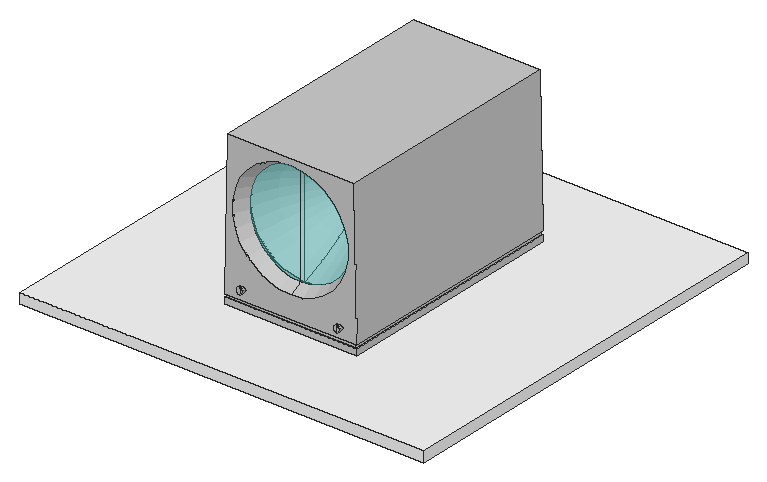
Revit family "BE_24596_de_DE", category Leuchten, Revit 2015
Parameters (values of type "BEGA_24596_Silber_K4")
  built-in parameter 1150104 = 13.935 (stored number, unit not read)
  Wattage = 15.8 W
  Default Elevation = 0 mm
  built-in parameter 1150113 = 1 (stored number, unit not read)
  built-in parameter 1114218 = 1 (stored number, unit not read)
  Umgebungstemperatur = "25 °C"
  URL = "http://www.bega.de/produkt/24596"
  Typenkommentare = "© 2016 BEGA. Wir behalten uns das Recht vor, technische Änderungen ohne vorherige Ankündigung vorzunehmen."  # constant formula
  Type Image = 24596.png
  built-in parameter 1150134 = 12
  built-in parameter 1150109 = 1 (stored number, unit not read)
  Strom = ""
  built-in parameter 1150110 = 1 (stored number, unit not read)
  Spannung = 239.996 V
  Sonderanfertigung = no
  Seriennummer [instance] = "Hier können Sie die eindeutige Seriennummer für das Facility Management eintragen."
  Schutzklasse = "I"
  Schutzart = "IP 64"
  Scheinlast = 0 VA
  Produktdatenblatt = "http://www.bega.de/download/Xrfa/db/24596.db.de.pdf"
  Oberflächentemperatur = ""
  Neigungswinkel = 0.00°
  Modell = "24596AK4"
  Material_17 = BEGA_Reflektor
  Material_15 = BEGA_Leuchtmedium_matt
  Material_11 = BEGA_Glas_opal
  Material_09 = BEGA_Glas_klar
  Material_06 = BEGA_Oberfläche_Edelstahl_gebürstet
  Material_03 = BEGA_Oberfläche_Weiss_matt
  Material_02 = BEGA_Oberfläche_Silber_matt
  Material_01 [instance] = BEGA_Oberfläche_Grafit_matt
  M_W = no
  M_G = no
  M_A = yes
  Logo = 0
  built-in parameter 1114217 = 1 (stored number, unit not read)
  built-in parameter 1150139 = (empty or 0)
  built-in parameter 1150105 = 188.6 (stored number, unit not read)
  built-in parameter 1150114 = 1 (stored number, unit not read)
  Lumens = 2370 lm
  built-in parameter 1150115 = 1 (stored number, unit not read)
  Leuchtenlichtstrom = "1093 lm"
  Leuchtenanzahl = ""
  Lebensdauerkriterien = "L70 = 50.000 h"
  Lastklassifizierung = Beleuchtung
  built-in parameter 1150112 = 1 (stored number, unit not read)
  Lampenlichtstrom = "2370 lm"
  Lampe = "LED 15.8 W"
  LED_Modulbezeichnung = "LED-0681/840 + LED-0683/840"
  built-in parameter 1150142 = (empty or 0)
  Hersteller = "BEGA"  # constant formula
  Halbstreuwinkel = ""
  Gewicht = "2.3 kg"
  Gebrauchslageneinschränkung [instance] = ""
  Frequenz = "0/50-60 Hz"
  Farbwiedergabeindex = "Ra > 80"
  Farbtemperaturverschiebung bei Dämpfen der Lampe = <Keine Auswahl>
  Farbtemperatur = "4000 K"
  Color Filter = 16777215
  built-in parameter 1150133 = 10 (stored number, unit not read)
  Energieeffizienzklasse = "LED A++ - A"
  built-in parameter 1150137 = (empty or 0)
  built-in parameter 1150132 = (empty or 0)
  ENEC = ""
  Dimmbar [instance] = "DALI"
  Datei für fotometrisches Netz = "BE_24596K4.IES"
  CE_Konformität = "ja"
  Bestellnummer = "24596AK4"
  Beschreibung_Sonderanfertigung = "Hier können Sie Informationen zur Sonderanfertigung eintragen."
  Beschreibung = "Wandleuchte"
  built-in parameter 1150106 = 1.886 (stored number, unit not read)
  Befestigungsbohrung = "Ø 4,5 mm"
  Befestigungsabstand = "105 mm"
  Ballwurfsicher = ""
  BEGA_Intern_aus = yes
  BEGA_Intern_an = yes
  BEGA_Intern_Konstruktion = yes
  BEGA_Intern = yes
  BEGA_IES = yes
  BEGA_Dummy = no
  Anschlussleitung = ""
  Anschlussleistung [instance] = "19.3 W"
  built-in parameter 1150107 = 4000 (stored number, unit not read)
  built-in parameter 1150102 = (empty or 0)
  built-in parameter 1150138 = (empty or 0)
  Aktualisierung = "2016-10-24T04:21:34"
  Abstand_zur_angestrahlten_Fläche [instance] = ""
  AC/DC = "AC/DC"
Types (6, lengths in mm): name | built-in parameter 1150104 | built-in parameter 1150134 | Modell | M_W | M_G | M_A | built-in parameter 1150105 | Lumens | Leuchtenlichtstrom | Lampenlichtstrom | LED_Modulbezeichnung | Farbtemperatur | Datei für fotometrisches Netz | Bestellnummer | built-in parameter 1150106 | built-in parameter 1150107
  BEGA_24596_Silber_K3 | 13.23 (stored number, unit not read) | (empty or 0) | "24596A" | no | no | yes | 179.06 (stored number, unit not read) | 2250.08 lm | "1038 lm" | "2250 lm" | "LED-0681/830 + LED-0683/830" | "3000 K" | "BE_24596.IES" | "24596A" | 1.7906 (stored number, unit not read) | 3000 (stored number, unit not read)
  BEGA_24596_Weiß_K3 | 13.23 (stored number, unit not read) | (empty or 0) | "24596W" | yes | no | no | 179.06 (stored number, unit not read) | 2250.08 lm | "1038 lm" | "2250 lm" | "LED-0681/830 + LED-0683/830" | "3000 K" | "BE_24596.IES" | "24596W" | 1.7906 (stored number, unit not read) | 3000 (stored number, unit not read)
  BEGA_24596_Weiß_K4 | 13.935 (stored number, unit not read) | 12 | "24596WK4" | yes | no | no | 188.6 (stored number, unit not read) | 2370 lm | "1093 lm" | "2370 lm" | "LED-0681/840 + LED-0683/840" | "4000 K" | "BE_24596K4.IES" | "24596WK4" | 1.886 (stored number, unit not read) | 4000 (stored number, unit not read)
  BEGA_24596_Silber_K4 | 13.935 (stored number, unit not read) | 12 | "24596AK4" | no | no | yes | 188.6 (stored number, unit not read) | 2370 lm | "1093 lm" | "2370 lm" | "LED-0681/840 + LED-0683/840" | "4000 K" | "BE_24596K4.IES" | "24596AK4" | 1.886 (stored number, unit not read) | 4000 (stored number, unit not read)
  BEGA_24596_Grafit_K4 | 13.935 (stored number, unit not read) | 12 | "24596K4" | no | yes | no | 188.6 (stored number, unit not read) | 2370 lm | "1093 lm" | "2370 lm" | "LED-0681/840 + LED-0683/840" | "4000 K" | "BE_24596K4.IES" | "24596K4" | 1.886 (stored number, unit not read) | 4000 (stored number, unit not read)
  BEGA_24596_Grafit_K3 | 13.23 (stored number, unit not read) | (empty or 0) | "24596" | no | yes | no | 179.06 (stored number, unit not read) | 2250.08 lm | "1038 lm" | "2250 lm" | "LED-0681/830 + LED-0683/830" | "3000 K" | "BE_24596.IES" | "24596" | 1.7906 (stored number, unit not read) | 3000 (stored number, unit not read)
Reference planes
  plane 1 "Mitte (Vorne/Hinten)": y = 0
  plane 2: z = 0
  plane 3 "Mitte (Links/Rechts)": x = 0
  plane 4 "Links": x = -65.11
  plane 5 "Rechts": x = 65.11
  plane 6 "Unten": y = -115.176
  plane 7 "Oben": y = 115.044
  plane 8 "Vorne": z = 151.3
  plane 9 "Hinten": z = 0
Forms (mm)
  Extrusion 1, solid, material "BEGA_Platte_Weiss"
    sketch origin (0, -1119.2, 0) x (1, 0, 0) y (0, 1, 0)
      loop
        line (-200, 1319.2) -> (-200, 919.2) -> (200, 919.2) -> (200, 1319.2) -> (-200, 1319.2)
    from 0 to -10
  Extrusion 2, solid, material "BEGA_Dummy_matt", visible <- "BEGA_Dummy"
    sketch origin (80.095, -76.023, 0) x (1, 0, 0) y (0, 1, 0)
      loop
        line (-145.205, 191.067) -> (-145.205, -39.153) -> (-14.985, -39.153) -> (-14.985, 191.067) -> (-145.205, 191.067)
    from 0 to 151.3
Dimensions and locks
  plane 1 "Mitte (Vorne/Hinten)" to Extrusion 1 = 200 mm
  aligned and locked: plane 2 to Extrusion 1
  aligned and locked: level to Extrusion 1
Nested families
  nested 1: "BE_24596" at (0, 0, 0) x (0, -1, 0) z (0, 0, 1), type "BE_24596"
Connectors
  electrical at (0, 0, 0), driven by "Lastklassifizierung", driven by "Spannung", driven by "Scheinlast"
    settings: index 1, voltage 239.996 V, apparent load 0 VA, apparent load phase1 0 VA, apparent load phase2 0 VA, apparent load phase3 0 VA, power factor 1, load classification "Beleuchtung", number of poles 1, system type 31, power factor state 1, is connector primary yes, connector utility no, sub classification motor no, connector description ""
Definition of nested family "BE_24596"
  Parameters (values of type "BE_24596")
    Default Elevation = 1 mm
    URL = "http://www.bega.de/de/produkt"
    Type Comments = "© 2015 BEGA. Wir behalten uns das Recht vor, technische Änderungen ohne vorherige Ankündigung vorzunehmen. "  # constant formula
    Type Image = (empty or 0)
    Material_17 = none
    Material_15 = none
    Material_11 = none
    Material_09 = none
    Material_06 = none
    Material_03 = none
    Material_02 = none
    Material_01 = none
    M_W = yes
    M_G = yes
    M_A = yes
    Länge_Platte = 300 mm  # constant formula
    Höhe_Platte = -10 mm  # constant formula
    Manufacturer = "BEGA"  # constant formula
    Breite_Platte = 200 mm  # constant formula
  Reference planes
    plane 1 "Mitte (Oben/Unten)": y = 0
    plane 2: z = 0
    plane 3 "Mitte (Links/Rechts)": x = 0
    plane 4 "Unten": y = -65.11
    plane 5: x = -115.044
    plane 6: z = 151.3
    plane 7: x = 115.176
    plane 8: y = 65.11
  Forms (mm)
    Extrusion 1, solid, detail levels medium
      sketch origin (0, 0, 0) x (1, 0, 0) y (0, 1, 0)
        loop
          line (-150, 100) -> (-150, -100) -> (150, -100) -> (150, 100) -> (-150, 100)
      from 0 to -10 <- "Höhe_Platte"
    Extrusion 2, solid, material <- "Material_01", visible <- "M_G", detail levels medium+fine
      sketch origin (0, 0, 0) x (1, 0, 0) y (0, 0, 1)
        loop
          line (-114.824, 9.3) -> (-102.259, 9.3) -> (-102.259, 148.3) -> (102.259, 148.3) -> (102.259, 9.3) -> (115.176, 9.3) -> (115.176, 151.3) -> (-114.824, 151.3) -> (-114.824, 9.3)
      from -65.11 to 65.11
    Extrusion 3, solid, material <- "Material_01", visible <- "M_G", detail levels medium+fine
      sketch origin (0, 0, 0) x (0, 1, 0) y (0, 0, 1)
        loop
          line (-60, 151.3) -> (-65.11, 151.3) -> (-65.11, 9.3) -> (-60, 9.3) -> (-60, 151.3)
        loop
          line (60, 151.3) -> (60, 9.3) -> (65.11, 9.3) -> (65.11, 151.3) -> (60, 151.3)
      from -114.824 to 115.176
    Sweep 4, solid, material <- "Material_01", visible <- "M_G", detail levels medium+fine
      path origin (0, 0, 0) x (1, 0, 0) y (0, 1, 0)
        loop
          line (115.176, -65.11) -> (115.176, 65.11) -> (-115.11, 65.11) -> (-115.11, -65.11) -> (115.176, -65.11)
      profile origin (115.176, 0, 0) x (-1, 0, 0) y (0, 0, 1)
        loop
          line (0.176, 6.3) -> (0.066, 0) -> (7.976, 0) -> (8.447, 9) -> (54.804, 9) -> (54.804, 11.3) -> (3.262, 11.3) -> (1.041, 9.3) -> (1.041, 6.3) -> (0.176, 6.3)
    Extrusion 5, solid, material <- "Material_01", visible <- "M_G", detail levels medium+fine
      sketch origin (0, 0, 0) x (1, 0, 0) y (0, 1, 0)
        loop
          line (-60.306, 10.306) -> (-60.306, -10.306) -> (60.372, -10.306) -> (60.372, 10.306) -> (-60.306, 10.306)
      from 9 to 11.3
    Revolve 6, void
      sketch origin (0, 0, 0) x (1, 0, 0) y (0, 0, 1)
        loop
          line (-110.424, 145.05) -> (-115.712, 145.05) -> (-115.712, 88.3) -> (-102.259, 88.3) -> (-102.259, 140.535) -> (-110.424, 140.535) -> (-110.424, 145.05)
        axis (-115.712, 88.3) -> (-102.259, 88.3)
      angle from 0 to 360
    Revolve 7, void
      sketch origin (0, 0, 0) x (1, 0, 0) y (0, 0, 1)
        loop
          line (102.259, 139.777) -> (102.259, 88.3) -> (115.176, 88.3) -> (115.176, 145.8) -> (102.259, 139.777)
        axis (115.176, 88.3) -> (102.259, 88.3)
      angle from 0 to 360
    Revolve 8, solid, material <- "Material_17", detail levels medium+fine
      sketch origin (-4.05, 0, 0) x (-1, 0, 0) y (0, 0, 1)
        loop
          arc (-102.097, 141.256) -> (-68.897, 126.601) -> (-40.677, 103.781) r 137.727
          line (-40.677, 103.781) -> (-40.06, 93.694) -> (-39.056, 93.667) -> (-39.71, 104.364)
          arc (-39.71, 104.364) -> (-67.927, 127.265) -> (-101.152, 141.988) r 137.727
          line (-101.152, 141.988) -> (-101.152, 145.816) -> (-102.097, 145.816) -> (-102.097, 141.256)
        axis (-102.097, 88.3) -> (-39.056, 88.3)
      angle from 0 to 360
    Revolve 9, solid, material <- "Material_09", detail levels medium+fine
      sketch origin (0, 0, 0) x (1, 0, 0) y (0, 0, 1)
        loop
          line (98.047, 144.78) -> (98.047, 88.3) -> (102.227, 88.3) -> (102.227, 144.78) -> (98.047, 144.78)
        axis (98.047, 88.3) -> (102.227, 88.3)
      angle from 0 to 360
    Revolve 10, solid, material <- "Material_09", detail levels medium+fine
      sketch origin (-12.565, 0, 0) x (-1, 0, 0) y (0, 0, 1)
        loop
          line (98.047, 144.78) -> (98.047, 88.3) -> (102.227, 88.3) -> (102.227, 144.78) -> (98.047, 144.78)
        axis (98.047, 88.3) -> (102.227, 88.3)
      angle from 0 to 360
    Revolve 11, solid, material <- "Material_15", detail levels medium+fine
      sketch origin (69.774, 0, 0) x (1, 0, 0) y (0, 0, 1)
        loop
          line (-36.847, 88.3) -> (-35.805, 88.3) -> (-35.805, 93.042) -> (-36.847, 93.042) -> (-36.847, 88.3)
        axis (-36.847, 88.3) -> (-35.805, 88.3)
      angle from 0 to 360
    Revolve 12, solid, material <- "Material_06", detail levels fine
      sketch origin (0, -48, 0) x (1, 0, 0) y (0, 0, -1)
        loop
          line (114.588, -22.1) -> (118.376, -22.1) -> (118.376, -19.101) -> (114.588, -19.101) -> (114.588, -22.1)
        axis (114.588, -19.101) -> (118.376, -19.101)
      angle from 0 to 360
    Revolve 13, solid, material <- "Material_06", detail levels fine
      sketch origin (0, 48, 0) x (1, 0, 0) y (0, 0, 1)
        loop
          line (114.588, 22.1) -> (114.588, 19.101) -> (118.376, 19.101) -> (118.376, 22.1) -> (114.588, 22.1)
        axis (114.588, 19.101) -> (118.376, 19.101)
      angle from 0 to 360
    Sweep 14, solid, material <- "Material_02", visible <- "M_A", detail levels medium+fine
      path origin (0, 0, 0) x (1, 0, 0) y (0, 1, 0)
        loop
          line (115.176, -65.11) -> (115.176, 65.11) -> (-115.11, 65.11) -> (-115.11, -65.11) -> (115.176, -65.11)
      profile origin (115.176, 0, 0) x (-1, 0, 0) y (0, 0, 1)
        loop
          line (0.176, 6.3) -> (0.066, 0) -> (7.976, 0) -> (8.447, 9) -> (54.804, 9) -> (54.804, 11.3) -> (3.262, 11.3) -> (1.041, 9.3) -> (1.041, 6.3) -> (0.176, 6.3)
    Extrusion 15, solid, material <- "Material_02", visible <- "M_A", detail levels medium+fine
      sketch origin (0, 0, 0) x (1, 0, 0) y (0, 1, 0)
        loop
          line (-60.306, 10.306) -> (-60.306, -10.306) -> (60.372, -10.306) -> (60.372, 10.306) -> (-60.306, 10.306)
      from 9 to 11.3
    Sweep 16, solid, material <- "Material_03", visible <- "M_W", detail levels medium+fine
      path origin (0, 0, 0) x (1, 0, 0) y (0, 1, 0)
        loop
          line (115.176, -65.11) -> (115.176, 65.11) -> (-115.11, 65.11) -> (-115.11, -65.11) -> (115.176, -65.11)
      profile origin (115.176, 0, 0) x (-1, 0, 0) y (0, 0, 1)
        loop
          line (0.176, 6.3) -> (0.066, 0) -> (7.976, 0) -> (8.447, 9) -> (54.804, 9) -> (54.804, 11.3) -> (3.262, 11.3) -> (1.041, 9.3) -> (1.041, 6.3) -> (0.176, 6.3)
    Extrusion 17, solid, material <- "Material_03", visible <- "M_W", detail levels medium+fine
      sketch origin (0, 0, 0) x (1, 0, 0) y (0, 1, 0)
        loop
          line (-60.306, 10.306) -> (-60.306, -10.306) -> (60.372, -10.306) -> (60.372, 10.306) -> (-60.306, 10.306)
      from 9 to 11.3
    Extrusion 18, solid, material <- "Material_02", visible <- "M_A", detail levels medium+fine
      sketch origin (0, 0, 0) x (1, 0, 0) y (0, 0, 1)
        loop
          line (-114.824, 9.3) -> (-102.259, 9.3) -> (-102.259, 148.3) -> (102.259, 148.3) -> (102.259, 9.3) -> (115.176, 9.3) -> (115.176, 151.3) -> (-114.824, 151.3) -> (-114.824, 9.3)
      from -65.11 to 65.11
    Extrusion 19, solid, material <- "Material_02", visible <- "M_A", detail levels medium+fine
      sketch origin (0, 0, 0) x (0, 1, 0) y (0, 0, 1)
        loop
          line (-60, 151.3) -> (-65.11, 151.3) -> (-65.11, 9.3) -> (-60, 9.3) -> (-60, 151.3)
        loop
          line (60, 151.3) -> (60, 9.3) -> (65.11, 9.3) -> (65.11, 151.3) -> (60, 151.3)
      from -114.824 to 115.176
    Extrusion 20, solid, material <- "Material_03", visible <- "M_W", detail levels medium+fine
      sketch origin (0, 0, 0) x (1, 0, 0) y (0, 0, 1)
        loop
          line (-114.824, 9.3) -> (-102.259, 9.3) -> (-102.259, 148.3) -> (102.259, 148.3) -> (102.259, 9.3) -> (115.176, 9.3) -> (115.176, 151.3) -> (-114.824, 151.3) -> (-114.824, 9.3)
      from -65.11 to 65.11
    Extrusion 21, solid, material <- "Material_03", visible <- "M_W", detail levels medium+fine
      sketch origin (0, 0, 0) x (0, 1, 0) y (0, 0, 1)
        loop
          line (-60, 151.3) -> (-65.11, 151.3) -> (-65.11, 9.3) -> (-60, 9.3) -> (-60, 151.3)
        loop
          line (60, 151.3) -> (60, 9.3) -> (65.11, 9.3) -> (65.11, 151.3) -> (60, 151.3)
      from -114.824 to 115.176
    Extrusion 22, void
      sketch origin (0, 0, 0) x (1, 0, 0) y (0, 1, 0)
        loop
          circle (0, 52.5) r 2.25
        loop
          circle (0, -52.5) r 2.25
        loop
          circle (19, 45) r 8.5
        loop
          circle (-19, 45) r 8.5
      from 0 to 15.771
    Extrusion 23, solid, material <- "Material_15", detail levels medium+fine
      sketch origin (0, 0, 0) x (1, 0, 0) y (0, 1, 0)
        loop
          line (-47.03, 1.8) -> (-47.03, -1.453) -> (-45.888, -1.453) -> (-45.888, 1.8) -> (-47.03, 1.8)
      from 61.497 to 113.996
    Extrusion 24, void
      sketch origin (0, 0, 0) x (0, 1, 0) y (0, 0, 1)
        loop
          line (-65.11, 9.3) -> (-62.523, 157.517) -> (-65.11, 157.517) -> (-65.11, 9.3)
        loop
          line (65.11, 9.3) -> (65.11, 157.517) -> (62.523, 157.517) -> (65.11, 9.3)
      from -123.107 to 124.503
  Cuts and joins
    Revolve 6, Revolve 7, Extrusion 22, Extrusion 24 cuts Extrusion 2
    Revolve 6, Revolve 7, Extrusion 22, Extrusion 24 cuts Extrusion 3
    joined: Extrusion 2, Extrusion 3
    Extrusion 22 cuts Sweep 4
    Extrusion 22 cuts Extrusion 5
    joined: Sweep 4, Extrusion 5
    Extrusion 22 cuts Sweep 14
    Extrusion 22 cuts Extrusion 15
    joined: Sweep 14, Extrusion 15
    Extrusion 22 cuts Sweep 16
    Extrusion 22 cuts Extrusion 17
    joined: Sweep 16, Extrusion 17
    Revolve 6, Revolve 7, Extrusion 22, Extrusion 24 cuts Extrusion 18
    Extrusion 22, Extrusion 24 cuts Extrusion 19
    joined: Extrusion 18, Extrusion 19
    Revolve 6, Revolve 7, Extrusion 22, Extrusion 24 cuts Extrusion 20
    Extrusion 22, Extrusion 24 cuts Extrusion 21
    joined: Extrusion 20, Extrusion 21
  Dimensions and locks
    equal spacing: Extrusion 1 sketch curve, plane 3 "Mitte (Links/Rechts)", Extrusion 1 sketch curve
    equal spacing: Extrusion 1 sketch curve, plane 1 "Mitte (Oben/Unten)", Extrusion 1 sketch curve
    "Länge_Platte": Extrusion 1 sketch curve to Extrusion 1 sketch curve
    "Breite_Platte": Extrusion 1 sketch curve to Extrusion 1 sketch curve
    Extrusion 24 to level = 157.517 mm
    aligned and locked: Extrusion 1 to plane 2
    aligned and locked: level to Extrusion 1
  Automatic sketch dimensions
    Extrusion 2 sketch curve to Extrusion 2 sketch curve = 12.565 mm
    level to Extrusion 2 sketch curve = 9.3 mm  (x2)
    Extrusion 2 sketch curve to Extrusion 2 sketch curve = 12.917 mm
    Extrusion 2 sketch curve to Extrusion 2 sketch curve = 3 mm
    plane 1 "Mitte (Oben/Unten)" to Extrusion 3 sketch curve = 65.11 mm
    Extrusion 3 sketch curve to Extrusion 3 sketch curve = 5.11 mm  (x2)
    Extrusion 3 sketch curve to plane 1 "Mitte (Oben/Unten)" = 60 mm
    level to Extrusion 3 sketch curve = 9.3 mm  (x2)
    plane 1 "Mitte (Oben/Unten)" to Sweep 4 sketch curve = 65.11 mm
    Sweep 4 sketch curve to plane 1 "Mitte (Oben/Unten)" = 65.11 mm
    Sweep 4 sketch curve to level = 0 mm
    Sweep 4 sketch curve to profile plane = 0.066 mm
    Sweep 4 sketch curve to profile plane = 0.176 mm
    Sweep 4 sketch curve to profile plane = 1.041 mm
    Sweep 4 sketch curve to Sweep 4 sketch curve = 2.221 mm
    Sweep 4 sketch curve to Sweep 4 sketch curve = 7.91 mm
    Sweep 4 sketch curve to Sweep 4 sketch curve = 5.185 mm
    level to Sweep 4 sketch curve = 9 mm
    Sweep 4 sketch curve to Sweep 4 sketch curve = 46.356 mm
    level to Sweep 4 sketch curve = 6.3 mm
    Sweep 4 sketch curve to Sweep 4 sketch curve = 3 mm
    Sweep 4 sketch curve to Sweep 4 sketch curve = 2 mm
    plane 1 "Mitte (Oben/Unten)" to Extrusion 5 sketch curve = 10.306 mm
    Extrusion 5 sketch curve to plane 3 "Mitte (Links/Rechts)" = 60.306 mm
    plane 3 "Mitte (Links/Rechts)" to Extrusion 5 sketch curve = 60.372 mm
    Extrusion 5 sketch curve to plane 1 "Mitte (Oben/Unten)" = 10.306 mm
    Revolve 6 sketch curve to Revolve 6 sketch curve = 5.287 mm
    Revolve 6 sketch curve to Revolve 6 sketch curve = 8.165 mm
    level to Revolve 6 sketch curve = 88.3 mm
    Revolve 6 sketch curve to Revolve 6 sketch curve = 52.235 mm
    Revolve 6 sketch curve to Revolve 6 sketch curve = 4.515 mm
    Revolve 6 sketch curve to Revolve 6 sketch curve = 0 mm  (x2)
    Revolve 6 sketch curve to plane 3 "Mitte (Links/Rechts)" = 25.712 mm
    Revolve 7 sketch curve to Revolve 7 sketch curve = 12.917 mm
    level to Revolve 7 sketch curve = 88.3 mm
    Revolve 7 sketch curve to Revolve 7 sketch curve = 51.477 mm
    Revolve 7 sketch curve to Revolve 7 sketch curve = 6.023 mm
    plane 3 "Mitte (Links/Rechts)" to Revolve 7 sketch curve = 18.248 mm
    Revolve 7 sketch curve to Revolve 7 sketch curve = 0 mm  (x2)
    Revolve 8 sketch curve to level = 9.03 mm
    Revolve 8 sketch curve to Revolve 8 sketch curve = 0.78 mm  (x2)
    Revolve 8 sketch curve to plane 3 "Mitte (Links/Rechts)" = 98.047 mm
    Revolve 8 sketch curve to Revolve 8 sketch curve = 0.945 mm
    Revolve 8 sketch curve to plane 3 "Mitte (Links/Rechts)" = 36.627 mm
    Revolve 8 sketch curve to Revolve 8 sketch curve = 0.617 mm
    Revolve 8 sketch curve to Revolve 8 sketch curve = 0.966 mm
    Revolve 8 sketch curve to Revolve 8 sketch curve = 1.003 mm
    Revolve 8 sketch curve to level = 93.667 mm
    Revolve 8 sketch curve to Revolve 8 sketch curve = 0.026 mm
    Revolve 8 sketch curve to Revolve 8 sketch curve = 10.088 mm
    Revolve 8 sketch curve to Revolve 8 sketch curve = 0.583 mm
    Revolve 8 sketch curve to Revolve 8 sketch curve = 3.828 mm
    Revolve 8 sketch curve to Revolve 8 sketch curve = 8.327 mm
    Revolve 8 sketch curve to plane 3 "Mitte (Links/Rechts)" = 16.374 mm
    Revolve 8 sketch curve to Revolve 8 sketch curve = 5.367 mm
    plane 3 "Mitte (Links/Rechts)" to Revolve 9 sketch curve = 98.047 mm
    Revolve 9 sketch curve to Revolve 9 sketch curve = 4.18 mm
    level to Revolve 9 sketch curve = 88.3 mm
    Revolve 9 sketch curve to Revolve 9 sketch curve = 0 mm  (x2)
    Revolve 9 sketch curve to Revolve 9 sketch curve = 7.502 mm
    Revolve 10 sketch curve to Revolve 10 sketch curve = 4.18 mm
    Revolve 10 sketch curve to level = 88.3 mm
    Revolve 10 sketch curve to Revolve 10 sketch curve = 0 mm  (x2)
    Revolve 10 sketch curve to Revolve 10 sketch curve = 7.502 mm
    plane 3 "Mitte (Links/Rechts)" to Revolve 11 sketch curve = 32.927 mm
    Revolve 11 sketch curve to Revolve 11 sketch curve = 1.042 mm
    level to Revolve 11 sketch curve = 88.3 mm
    Revolve 11 sketch curve to Revolve 11 sketch curve = 4.742 mm
    Revolve 11 sketch curve to Revolve 11 sketch curve = 0 mm  (x2)
    Revolve 11 sketch curve to Revolve 11 sketch curve = 2.757 mm
    level to Revolve 12 sketch curve = 22.1 mm
    Revolve 12 sketch curve to Revolve 12 sketch curve = 3.788 mm
    Revolve 12 sketch curve to Revolve 12 sketch curve = 2.999 mm
    Revolve 12 sketch curve to Revolve 12 sketch curve = 0 mm  (x3)
    level to Revolve 13 sketch curve = 22.1 mm
    Revolve 13 sketch curve to Revolve 13 sketch curve = 3.788 mm
    Revolve 13 sketch curve to Revolve 13 sketch curve = 2.999 mm
    Revolve 13 sketch curve to Revolve 13 sketch curve = 0 mm  (x3)
    plane 1 "Mitte (Oben/Unten)" to Sweep 14 sketch curve = 65.11 mm
    Sweep 14 sketch curve to plane 1 "Mitte (Oben/Unten)" = 65.11 mm
    Sweep 14 sketch curve to level = 0 mm
    Sweep 14 sketch curve to profile plane = 0.066 mm
    Sweep 14 sketch curve to profile plane = 0.176 mm
    Sweep 14 sketch curve to profile plane = 1.041 mm
    Sweep 14 sketch curve to Sweep 14 sketch curve = 2.221 mm
    Sweep 14 sketch curve to Sweep 14 sketch curve = 7.91 mm
    Sweep 14 sketch curve to Sweep 14 sketch curve = 5.185 mm
    level to Sweep 14 sketch curve = 9 mm
    Sweep 14 sketch curve to Sweep 14 sketch curve = 46.356 mm
    level to Sweep 14 sketch curve = 6.3 mm
    Sweep 14 sketch curve to Sweep 14 sketch curve = 3 mm
    Sweep 14 sketch curve to Sweep 14 sketch curve = 2 mm
    plane 1 "Mitte (Oben/Unten)" to Extrusion 15 sketch curve = 10.306 mm
    Extrusion 15 sketch curve to plane 3 "Mitte (Links/Rechts)" = 60.306 mm
    plane 3 "Mitte (Links/Rechts)" to Extrusion 15 sketch curve = 60.372 mm
    Extrusion 15 sketch curve to plane 1 "Mitte (Oben/Unten)" = 10.306 mm
    plane 1 "Mitte (Oben/Unten)" to Sweep 16 sketch curve = 65.11 mm
    Sweep 16 sketch curve to plane 1 "Mitte (Oben/Unten)" = 65.11 mm
    Sweep 16 sketch curve to level = 0 mm
    Sweep 16 sketch curve to profile plane = 0.066 mm
    Sweep 16 sketch curve to profile plane = 0.176 mm
    Sweep 16 sketch curve to profile plane = 1.041 mm
    Sweep 16 sketch curve to Sweep 16 sketch curve = 2.221 mm
    Sweep 16 sketch curve to Sweep 16 sketch curve = 7.91 mm
    Sweep 16 sketch curve to Sweep 16 sketch curve = 5.185 mm
    level to Sweep 16 sketch curve = 9 mm
    Sweep 16 sketch curve to Sweep 16 sketch curve = 46.356 mm
    level to Sweep 16 sketch curve = 6.3 mm
    Sweep 16 sketch curve to Sweep 16 sketch curve = 3 mm
    Sweep 16 sketch curve to Sweep 16 sketch curve = 2 mm
    plane 1 "Mitte (Oben/Unten)" to Extrusion 17 sketch curve = 10.306 mm
    Extrusion 17 sketch curve to plane 3 "Mitte (Links/Rechts)" = 60.306 mm
    plane 3 "Mitte (Links/Rechts)" to Extrusion 17 sketch curve = 60.372 mm
    Extrusion 17 sketch curve to plane 1 "Mitte (Oben/Unten)" = 10.306 mm
    Extrusion 18 sketch curve to Extrusion 18 sketch curve = 12.565 mm
    level to Extrusion 18 sketch curve = 9.3 mm  (x2)
    Extrusion 18 sketch curve to Extrusion 18 sketch curve = 12.917 mm
    Extrusion 18 sketch curve to Extrusion 18 sketch curve = 3 mm
    plane 1 "Mitte (Oben/Unten)" to Extrusion 19 sketch curve = 65.11 mm
    Extrusion 19 sketch curve to Extrusion 19 sketch curve = 5.11 mm  (x2)
    Extrusion 19 sketch curve to plane 1 "Mitte (Oben/Unten)" = 60 mm
    level to Extrusion 19 sketch curve = 9.3 mm  (x2)
    Extrusion 20 sketch curve to Extrusion 20 sketch curve = 12.565 mm
    level to Extrusion 20 sketch curve = 9.3 mm  (x2)
    Extrusion 20 sketch curve to Extrusion 20 sketch curve = 12.917 mm
    Extrusion 20 sketch curve to Extrusion 20 sketch curve = 3 mm
    plane 1 "Mitte (Oben/Unten)" to Extrusion 21 sketch curve = 65.11 mm
    Extrusion 21 sketch curve to Extrusion 21 sketch curve = 5.11 mm  (x2)
    Extrusion 21 sketch curve to plane 1 "Mitte (Oben/Unten)" = 60 mm
    level to Extrusion 21 sketch curve = 9.3 mm  (x2)
    Extrusion 22 sketch curve to plane 3 "Mitte (Links/Rechts)" = 0 mm  (x2)
    Extrusion 22 sketch curve to plane 3 "Mitte (Links/Rechts)" = 19 mm
    plane 3 "Mitte (Links/Rechts)" to Extrusion 22 sketch curve = 19 mm
    plane 1 "Mitte (Oben/Unten)" to Extrusion 22 sketch curve = 52.5 mm
    Extrusion 22 sketch curve to plane 1 "Mitte (Oben/Unten)" = 45 mm
    Extrusion 22 sketch curve to Extrusion 22 sketch curve = 0 mm
    Extrusion 22 sketch curve to Extrusion 22 sketch curve = 7.5 mm
    Extrusion 2 sketch curve to plane 3 "Mitte (Links/Rechts)" = 114.824 mm
    plane 3 "Mitte (Links/Rechts)" to Extrusion 2 sketch curve = 102.259 mm
    Sweep 4 sketch curve to plane 3 "Mitte (Links/Rechts)" = 115.11 mm
    plane 3 "Mitte (Links/Rechts)" to Sweep 4 sketch curve = 115.176 mm
    Revolve 6 sketch curve to Revolve 6 sketch curve = 76.547 mm
    Revolve 7 sketch curve to Revolve 7 sketch curve = 84.01 mm
    Revolve 8 sketch curve to Revolve 8 sketch curve = 29.427 mm
    plane 3 "Mitte (Links/Rechts)" to Revolve 10 sketch curve = 110.613 mm
    plane 3 "Mitte (Links/Rechts)" to Revolve 12 sketch curve = 114.588 mm
    plane 3 "Mitte (Links/Rechts)" to Revolve 13 sketch curve = 114.588 mm
    Sweep 14 sketch curve to plane 3 "Mitte (Links/Rechts)" = 115.11 mm
    plane 3 "Mitte (Links/Rechts)" to Sweep 14 sketch curve = 115.176 mm
    Sweep 16 sketch curve to plane 3 "Mitte (Links/Rechts)" = 115.11 mm
    plane 3 "Mitte (Links/Rechts)" to Sweep 16 sketch curve = 115.176 mm
    Extrusion 18 sketch curve to plane 3 "Mitte (Links/Rechts)" = 114.824 mm
    plane 3 "Mitte (Links/Rechts)" to Extrusion 18 sketch curve = 102.259 mm
    Extrusion 20 sketch curve to plane 3 "Mitte (Links/Rechts)" = 114.824 mm
    plane 3 "Mitte (Links/Rechts)" to Extrusion 20 sketch curve = 102.259 mm
    Extrusion 2 sketch curve to plane 6 = 0 mm
    plane 6 to Extrusion 3 sketch curve = 0 mm  (x2)
    plane 6 to Revolve 9 sketch curve = 6.52 mm
    Revolve 10 sketch curve to plane 6 = 6.52 mm
    Extrusion 18 sketch curve to plane 6 = 0 mm
    plane 6 to Extrusion 19 sketch curve = 0 mm  (x2)
    Extrusion 20 sketch curve to plane 6 = 0 mm
    plane 6 to Extrusion 21 sketch curve = 0 mm  (x2)
    plane 1 "Mitte (Oben/Unten)" to Extrusion 23 sketch curve = 1.453 mm
    Extrusion 23 sketch curve to plane 3 "Mitte (Links/Rechts)" = 47.03 mm
    Extrusion 23 sketch curve to Extrusion 23 sketch curve = 1.141 mm
    Extrusion 23 sketch curve to plane 1 "Mitte (Oben/Unten)" = 1.8 mm
    Extrusion 24 sketch curve to plane 4 "Unten" = 0 mm
    Extrusion 24 sketch curve to plane 8 = 0 mm
    Extrusion 24 sketch curve to Extrusion 24 sketch curve = 2.587 mm  (x2)
    level to Extrusion 24 sketch curve = 9.3 mm  (x2)
    Extrusion 24 sketch curve to plane 6 = 6.217 mm  (x2)
    radius of Extrusion 22 sketch curve = 2.25 mm  (x2)
    radius of Extrusion 22 sketch curve = 8.5 mm  (x2)
